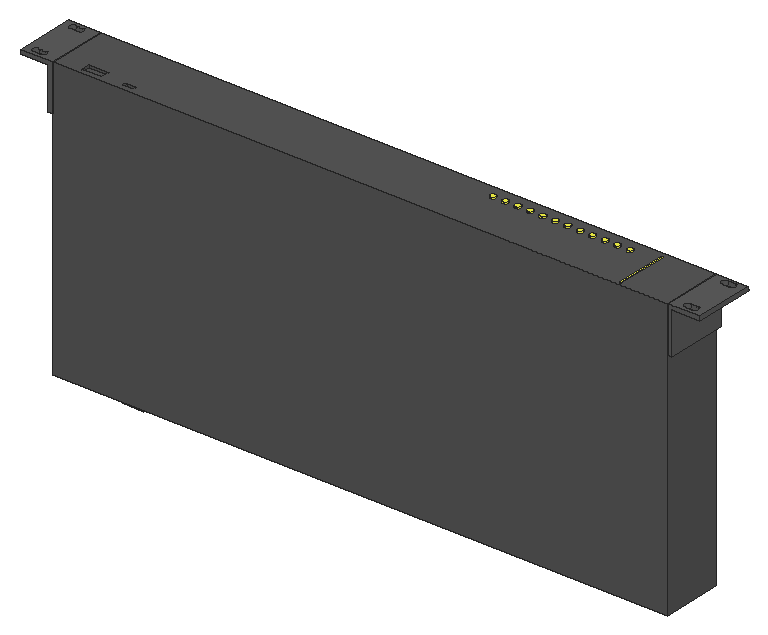
Revit family "Electronics_Switches_Biamp_NMS-NG10GPX-AVB_GSM4212PX", category Communication Devices, host Face, Revit 2020
Family settings
  Host = Face
  Maintain Annotation Orientation = No
  Round Connector Dimension = Use Diameter
  Part Type = Normal
  OmniClass Number = 23.80.50.11.14
  OmniClass Title = Switches
  Cut with Voids When Loaded = No
  Shared = No
  Room Calculation Point = No
Parameters (values of type "NMS-NG10GPX-AVB")
  Width = 440 mm  # constant formula
  Weight = 6.39 lbf  # constant formula
  Voltage = 120 V
  Version = 1
  URL = "https://www.biamp.com/"
  Third party support = "Domotz"  # constant formula
  Surface [instance] = Mount Type = Nom Surface  # no
  Standard bracket [instance] = Mount Type = Nom Standard bracket  # yes
  Rotate angle [instance] = if(Surface, 90.00°, 0.00°)  # 0.00°
  Reversed mounting [instance] = no
  Reversed angle [instance] = if(and(or(Standard bracket, Longer bracket), Reversed mounting), 180.00°, 0.00°)  # 0.00°
  R_Mounting [instance] = and(or(Longer bracket, Standard bracket), Reversed mounting)  # no
  Product data url = "https://bimobject.com/biamp/product/netgear-av-line-managed-switches"
  Product Page URL = "https://www.biamp.com/products/product-families/cambridge/switches#ng10gpx-avb"
  Product Documentation Link = "https://downloads.biamp.com/assets/docs/default-source/data-sheets/cambridge_data_sheets_netgear-m4250_switch_series_mar23.pdf"
  Primary Port Speed = "1 Gigabit"  # constant formula
  Power Factor = 1
  PoE Ports / Budget = "8 PoE+ (30W/port), 240W Budget"  # constant formula
  Offset_Y [instance] = if(Surface, 0 mm, 233 mm)  # 233 mm
  Offset_X [instance] = if(Surface, 361.8 mm, 300.1 mm)  # 300.1 mm
  Offset [instance] = if(Surface, 35 mm, if(Standard bracket, 32 mm, 82 mm))  # 32 mm
  Number of Ports = "12 (10x 1G, 2x SFP+)"  # constant formula
  Number of Poles = 1
  Nom Surface = Surface : Surface
  Nom Standard bracket = Standard bracket : Standard bracket
  Nom Longer bracket = Longer bracket : Longer bracket
  Mounting_2D [instance] = or(Mounting, R_Mounting)  # yes
  Mounting [instance] = and(or(Longer bracket, Standard bracket), not(Reversed mounting))  # yes
  Mount Type [instance] = Standard bracket : Standard bracket
  Model = "NMS-NG10GPX-AVB"  # constant formula
  Max Power Consumption = 306 W
  Manufacturer = "Biamp"  # constant formula
  Longer bracket [instance] = Mount Type = Nom Longer bracket  # no
  Jumbo Frame Support = "Yes, up to 12kb"  # constant formula
  IGMP Support = "Enhanced (NETGEAR IGMP Plus™)"  # constant formula
  Housing Material = Biamp - Plastic - Black
  Height = 43.2 mm  # constant formula
  Description = "The NMS-NG10GPX-AVB (NETGEAR model GSM4212PX) switch is designed to seamlessly integrate with Cambridge QT X sound masking solutions for optimal network performance."  # constant formula
  Depth = 200 mm  # constant formula
  Default Elevation = 1219.2 mm
  Date Updated = ""
  Date Created = "2023/08/21"
  Current = 5 A
  Connector Description = "Power connector, 120V"  # constant formula
  Apparent Load = Max Power Consumption / Power Factor  # 306 VA
  Acoustics = "Fanless or 39.22dB@25ºC"  # constant formula
  AVB Support = "Yes. Electronic license required, activation key sent via email (AVB4212PX-10000S)"  # constant formula
Reference planes
  plane 1 "Center (Front/Back)": y = 0
  plane 2: z = 0
  plane 3 "Center (Left/Right)": x = 0
Forms (mm)
  Extrusion 1, solid, material "Biamp - Metal - Black", visible <- "Standard bracket"
    sketch origin (0, 0, 0) x (1, 0, 0) y (0, 0, 1)
      loop
        line (-10, 0) -> (10, 0) -> (10, -30) -> (13, -30) -> (13, 3) -> (-10, 3) -> (-10, 0)
      loop
        line (476, 0) -> (476, 3) -> (453, 3) -> (453, -30) -> (456, -30) -> (456, 0) -> (476, 0)
    from -4.865 to 38.335
  Extrusion 2, void
    sketch origin (-443.84, -266.7, 0) x (1, 0, 0) y (0, 1, 0)
      loop
        arc (441.157, 269.14) -> (438.675, 266.657) -> (441.157, 264.175) r 2.483
        line (441.157, 264.175) -> (446.523, 264.175)
        arc (446.523, 264.175) -> (449.006, 266.657) -> (446.523, 269.14) r 2.483
        line (446.523, 269.14) -> (441.157, 269.14)
      loop
        line (441.157, 230.86) -> (446.523, 230.86)
        arc (446.523, 230.86) -> (449.006, 233.343) -> (446.523, 235.825) r 2.483
        line (446.523, 235.825) -> (441.157, 235.825)
        arc (441.157, 235.825) -> (438.675, 233.343) -> (441.157, 230.86) r 2.483
      loop
        line (912.523, 269.14) -> (907.157, 269.14)
        arc (907.157, 269.14) -> (904.675, 266.657) -> (907.157, 264.175) r 2.483
        line (907.157, 264.175) -> (912.523, 264.175)
        arc (912.523, 264.175) -> (915.006, 266.657) -> (912.523, 269.14) r 2.483
      loop
        arc (912.523, 230.86) -> (915.006, 233.343) -> (912.523, 235.825) r 2.483
        line (912.523, 235.825) -> (907.157, 235.825)
        arc (907.157, 235.825) -> (904.675, 233.343) -> (907.157, 230.86) r 2.483
        line (907.157, 230.86) -> (912.523, 230.86)
    from 0 to 3
  Extrusion 3, solid, material "Biamp - Metal - Black", visible <- "Longer bracket"
    sketch origin (0, 0, 0) x (1, 0, 0) y (0, 0, 1)
      loop
        line (-10, 0) -> (10, 0) -> (10, -80) -> (13, -80) -> (13, 3) -> (-10, 3) -> (-10, 0)
      loop
        line (476, 0) -> (476, 3) -> (453, 3) -> (453, -80) -> (456, -80) -> (456, 0) -> (476, 0)
    from -4.865 to 38.335
Cuts and joins
  Extrusion 2 cuts Extrusion 1
  Extrusion 2 cuts Extrusion 3
Lines and regions (mm)
  Masking region 1, visible <- "Mounting_2D"
    outline origin (-443.84, -266.7, 0) x (1, 0, 0) y (0, 1, 0)
      loop
        line (433.84, 271.6) -> (433.84, 228.4) -> (453.84, 228.4) -> (453.84, 271.6) -> (433.84, 271.6)
      loop
        line (441.157, 264.175) -> (446.523, 264.175)
        arc (446.523, 264.175) -> (449.006, 266.657) -> (446.523, 269.14) r 2.483
        line (446.523, 269.14) -> (441.157, 269.14)
        arc (441.157, 269.14) -> (438.675, 266.657) -> (441.157, 264.175) r 2.483
      loop
        arc (441.157, 235.825) -> (438.675, 233.343) -> (441.157, 230.86) r 2.483
        line (441.157, 230.86) -> (446.523, 230.86)
        arc (446.523, 230.86) -> (449.006, 233.343) -> (446.523, 235.825) r 2.483
        line (446.523, 235.825) -> (441.157, 235.825)
      loop
        line (919.84, 271.6) -> (899.84, 271.6) -> (899.84, 228.4) -> (919.84, 228.4) -> (919.84, 271.6)
      loop
        arc (912.523, 264.175) -> (915.006, 266.657) -> (912.523, 269.14) r 2.483
        line (912.523, 269.14) -> (907.157, 269.14)
        arc (907.157, 269.14) -> (904.675, 266.657) -> (907.157, 264.175) r 2.483
        line (907.157, 264.175) -> (912.523, 264.175)
      loop
        line (912.523, 235.825) -> (907.157, 235.825)
        arc (907.157, 235.825) -> (904.675, 233.343) -> (907.157, 230.86) r 2.483
        line (907.157, 230.86) -> (912.523, 230.86)
        arc (912.523, 230.86) -> (915.006, 233.343) -> (912.523, 235.825) r 2.483
  Masking region 2, visible <- "Mounting_2D"
    outline origin (-443.84, -266.7, 0) x (1, 0, 0) y (0, 1, 0)
      loop
        line (896.84, 271.6) -> (896.84, 228.4) -> (899.84, 228.4) -> (899.84, 271.6) -> (896.84, 271.6)
      loop
        line (453.84, 271.6) -> (453.84, 228.4) -> (456.84, 228.4) -> (456.84, 271.6) -> (453.84, 271.6)
  Masking region 3, visible <- "Standard bracket"
    outline origin (233, 0, -13.5) x (0, 0, 1) y (-1, 0, 0)
      loop
        line (13.5, 243) -> (13.5, 223) -> (-16.5, 223) -> (-16.5, 220) -> (16.5, 220) -> (16.5, 243) -> (13.5, 243)
      loop
        line (13.5, -243) -> (16.5, -243) -> (16.5, -220) -> (-16.5, -220) -> (-16.5, -223) -> (13.5, -223) -> (13.5, -243)
  Masking region 4, visible <- "Longer bracket"
    outline origin (233, 0, -13.5) x (0, 0, 1) y (-1, 0, 0)
      loop
        line (16.5, 243) -> (13.5, 243) -> (13.5, 223) -> (-66.5, 223) -> (-66.5, 220) -> (16.5, 220) -> (16.5, 243)
      loop
        line (16.5, -243) -> (16.5, -220) -> (-66.5, -220) -> (-66.5, -223) -> (13.5, -223) -> (13.5, -243) -> (16.5, -243)
  reference lines
    curve 1: line (-366.843, -300.1, 0) -> (513.157, -300.1, 0)
    curve 2: line (233, -38.335, 0) -> (233, -548.335, 0)
    curve 3: line (233, -548.335, 3) -> (233, -23.335, 3)
    curve 4: line (233, -38.335, 58) -> (233, -38.335, -177)
    curve 5: line (233, -38.335, 3) -> (233, -38.335, -202)
    curve 6: line (322.481, -38.335, -97) -> (147.481, -38.335, -97)
    curve 7: line (233, -38.335, -97) -> (233, -38.335, 33)
    curve 8: line (233, -548.335, 35) -> (233, -263.335, 35)
Dimensions and locks
  "Offset_X": curve 1 to plane 1 "Center (Front/Back)"
  "Offset_Y": plane 3 "Center (Left/Right)" to curve 2
  locked: curve 2 to curve 8 at 35
  "Offset": curve 8 to curve 3
  "Rotate angle": angle curve 5 to curve 4
  "Reversed angle": angle curve 7 to curve 5
  aligned and locked: plane 2 to host face
  aligned and locked: level to host face
  aligned and locked: curve 3 to curve 5
  aligned and locked: curve 5 to curve 7
  aligned and locked: curve 6 to curve 7
Automatic sketch dimensions
  host sketch curve to host sketch curve = 2438.4 mm  (x2)
  Extrusion 1 sketch curve to level = 0 mm  (x2)
  Extrusion 1 sketch curve to plane 3 "Center (Left/Right)" = 10 mm
  plane 3 "Center (Left/Right)" to Extrusion 1 sketch curve = 10 mm
  Extrusion 1 sketch curve to Extrusion 1 sketch curve = 3 mm  (x2)
  level to Extrusion 1 sketch curve = 3 mm  (x2)
  Extrusion 1 sketch curve to Extrusion 1 sketch curve = 440 mm
  Extrusion 1 sketch curve to Extrusion 1 sketch curve = 20 mm
  Extrusion 1 sketch curve to level = 30 mm
  Extrusion 1 sketch curve to Extrusion 1 sketch curve = 30 mm
  Extrusion 2 sketch curve to plane 3 "Center (Left/Right)" = 2.683 mm  (x2)
  plane 3 "Center (Left/Right)" to Extrusion 2 sketch curve = 2.683 mm  (x2)
  Extrusion 2 sketch curve to plane 1 "Center (Front/Back)" = 2.44 mm
  Extrusion 2 sketch curve to Extrusion 2 sketch curve = 460.635 mm
  Extrusion 2 sketch curve to Extrusion 2 sketch curve = 0 mm
  Extrusion 2 sketch curve to Extrusion 2 sketch curve = 5.365 mm  (x2)
  plane 1 "Center (Front/Back)" to Extrusion 2 sketch curve = 0.043 mm
  Extrusion 2 sketch curve to Extrusion 2 sketch curve = 2.483 mm  (x4)
  plane 1 "Center (Front/Back)" to Extrusion 2 sketch curve = 30.875 mm  (x2)
  Extrusion 3 sketch curve to level = 0 mm  (x2)
  Extrusion 3 sketch curve to plane 3 "Center (Left/Right)" = 10 mm
  plane 3 "Center (Left/Right)" to Extrusion 3 sketch curve = 10 mm
  Extrusion 3 sketch curve to Extrusion 3 sketch curve = 3 mm  (x2)
  level to Extrusion 3 sketch curve = 3 mm  (x2)
  Extrusion 3 sketch curve to Extrusion 3 sketch curve = 440 mm
  Extrusion 3 sketch curve to Extrusion 3 sketch curve = 20 mm
  Extrusion 3 sketch curve to level = 80 mm
  Extrusion 3 sketch curve to Extrusion 3 sketch curve = 80 mm
  Masking region 1 sketch curve to plane 3 "Center (Left/Right)" = 10 mm
  Masking region 1 sketch curve to plane 3 "Center (Left/Right)" = 2.683 mm  (x2)
  plane 3 "Center (Left/Right)" to Masking region 1 sketch curve = 2.683 mm  (x2)
  Masking region 1 sketch curve to Masking region 1 sketch curve = 7.317 mm  (x4)
  Masking region 1 sketch curve to plane 1 "Center (Front/Back)" = 4.9 mm
  Masking region 1 sketch curve to Masking region 1 sketch curve = 446 mm
  Masking region 1 sketch curve to Masking region 1 sketch curve = 5.365 mm  (x2)
  Masking region 1 sketch curve to plane 1 "Center (Front/Back)" = 2.44 mm
  Masking region 1 sketch curve to Masking region 1 sketch curve = 2.46 mm  (x4)
  Masking region 1 sketch curve to Masking region 1 sketch curve = 2.483 mm  (x4)
  plane 1 "Center (Front/Back)" to Masking region 1 sketch curve = 30.875 mm  (x2)
  plane 3 "Center (Left/Right)" to Masking region 2 sketch curve = 10 mm
  Masking region 2 sketch curve to Masking region 2 sketch curve = 3 mm  (x2)
  plane 1 "Center (Front/Back)" to Masking region 2 sketch curve = 38.3 mm  (x2)
  Masking region 2 sketch curve to Masking region 2 sketch curve = 440 mm
  Masking region 2 sketch curve to plane 1 "Center (Front/Back)" = 4.9 mm  (x2)
  Masking region 3 sketch curve to level = 0 mm  (x2)
  Masking region 3 sketch curve to level = 30 mm  (x2)
  plane 3 "Center (Left/Right)" to Masking region 3 sketch curve = 13 mm
  level to Masking region 3 sketch curve = 3 mm  (x2)
  Masking region 3 sketch curve to Masking region 3 sketch curve = 440 mm
  Masking region 3 sketch curve to Masking region 3 sketch curve = 3 mm  (x2)
  Masking region 3 sketch curve to Masking region 3 sketch curve = 20 mm
  Masking region 3 sketch curve to plane 3 "Center (Left/Right)" = 10 mm
  Masking region 4 sketch curve to level = 0 mm  (x2)
  Masking region 4 sketch curve to level = 80 mm
  plane 3 "Center (Left/Right)" to Masking region 4 sketch curve = 10 mm
  Masking region 4 sketch curve to Masking region 4 sketch curve = 80 mm
  level to Masking region 4 sketch curve = 3 mm  (x2)
  Masking region 4 sketch curve to Masking region 4 sketch curve = 3 mm  (x2)
  Masking region 4 sketch curve to Masking region 4 sketch curve = 440 mm
  Masking region 4 sketch curve to Masking region 4 sketch curve = 20 mm
  Masking region 4 sketch curve to plane 3 "Center (Left/Right)" = 10 mm
  curve 5 to curve 6 = 89.481 mm
  curve 5 to curve 6 = 100 mm
  curve 6 to curve 5 = 85.519 mm
  curve 1 to plane 3 "Center (Left/Right)" = 366.843 mm
  plane 3 "Center (Left/Right)" to curve 1 = 513.157 mm
  curve 1 to curve 2 = 248.235 mm
  curve 2 to curve 1 = 261.765 mm
  curve 8 to curve 2 = 0 mm
  curve 3 to curve 2 = 0 mm
  curve 2 to curve 8 = 225 mm
  curve 3 to curve 2 = 15 mm
  curve 4 to curve 3 = 15 mm
  curve 4 to curve 3 = 55 mm
Nested families
  nested 1: "Surface" at (0, 0, 0), type "Surface"
  nested 2: "Standard bracket" at (0, 0, 0), type "Standard bracket"
  nested 3: "Longer bracket" at (0, 4.754, 0), type "Longer bracket"
  nested 4: "GSM4212PX" at (233, -38.335, -97) x (1, 0, 0) z (0, 1, 0), Housing Material <- "Housing Material", type "GSM4212PX"
    with Housing Material Biamp - Plastic - Black
Connectors
  electrical at (37.073, -19.097, -186.948), driven by "Number of Poles", driven by "Voltage", driven by "Apparent Load", driven by "Power Factor", driven by "Connector Description"
    settings: on nested 4, index 1, voltage 120 V, apparent load 306 VA, apparent load phase1 0 VA, apparent load phase2 0 VA, apparent load phase3 0 VA, power factor 1, load classification "Other", number of poles 1, system type 30, power factor state 1, is connector primary yes, connector utility no, sub classification motor no, connector description "Power connector, 120V"
  electrical at (159.651, -28.444, -196.086)
    settings: on nested 4, index 2, voltage 0 V, apparent load 0 VA, apparent load phase1 0 VA, apparent load phase2 0 VA, apparent load phase3 0 VA, power factor 1, load classification "Other", number of poles 1, system type 5, power factor state 1, is connector primary no, connector utility no, sub classification motor no, connector description "SFP connector"
  electrical at (177.537, -28.444, -196.086)
    settings: on nested 4, index 3, voltage 0 V, apparent load 0 VA, apparent load phase1 0 VA, apparent load phase2 0 VA, apparent load phase3 0 VA, power factor 1, load classification "Other", number of poles 1, system type 5, power factor state 1, is connector primary no, connector utility no, sub classification motor no, connector description "SFP connector"
  electrical at (198.689, -24.646, -196.086)
    settings: on nested 4, index 4, voltage 0 V, apparent load 0 VA, apparent load phase1 0 VA, apparent load phase2 0 VA, apparent load phase3 0 VA, power factor 1, load classification "Other", number of poles 1, system type 5, power factor state 1, is connector primary no, connector utility no, sub classification motor no, connector description "RJ45 connector"
  electrical at (217.001, -24.646, -196.086)
    settings: on nested 4, index 5, voltage 0 V, apparent load 0 VA, apparent load phase1 0 VA, apparent load phase2 0 VA, apparent load phase3 0 VA, power factor 1, load classification "Other", number of poles 1, system type 5, power factor state 1, is connector primary no, connector utility no, sub classification motor no, connector description "RJ45 connector"
  electrical at (235.313, -24.646, -196.086)
    settings: on nested 4, index 6, voltage 0 V, apparent load 0 VA, apparent load phase1 0 VA, apparent load phase2 0 VA, apparent load phase3 0 VA, power factor 1, load classification "Other", number of poles 1, system type 5, power factor state 1, is connector primary no, connector utility no, sub classification motor no, connector description "RJ45 connector with 30W PoE+"
  electrical at (253.625, -24.646, -196.086)
    settings: on nested 4, index 7, voltage 0 V, apparent load 0 VA, apparent load phase1 0 VA, apparent load phase2 0 VA, apparent load phase3 0 VA, power factor 1, load classification "Other", number of poles 1, system type 5, power factor state 1, is connector primary no, connector utility no, sub classification motor no, connector description "RJ45 connector with 30W PoE+"
  electrical at (271.937, -24.646, -196.086)
    settings: on nested 4, index 8, voltage 0 V, apparent load 0 VA, apparent load phase1 0 VA, apparent load phase2 0 VA, apparent load phase3 0 VA, power factor 1, load classification "Other", number of poles 1, system type 5, power factor state 1, is connector primary no, connector utility no, sub classification motor no, connector description "RJ45 connector with 30W PoE+"
  electrical at (290.248, -24.646, -196.086)
    settings: on nested 4, index 9, voltage 0 V, apparent load 0 VA, apparent load phase1 0 VA, apparent load phase2 0 VA, apparent load phase3 0 VA, power factor 1, load classification "Other", number of poles 1, system type 5, power factor state 1, is connector primary no, connector utility no, sub classification motor no, connector description "RJ45 connector with 30W PoE+"
  electrical at (308.56, -24.646, -196.086)
    settings: on nested 4, index 10, voltage 0 V, apparent load 0 VA, apparent load phase1 0 VA, apparent load phase2 0 VA, apparent load phase3 0 VA, power factor 1, load classification "Other", number of poles 1, system type 5, power factor state 1, is connector primary no, connector utility no, sub classification motor no, connector description "RJ45 connector with 30W PoE+"
  electrical at (326.872, -24.646, -196.086)
    settings: on nested 4, index 11, voltage 0 V, apparent load 0 VA, apparent load phase1 0 VA, apparent load phase2 0 VA, apparent load phase3 0 VA, power factor 1, load classification "Other", number of poles 1, system type 5, power factor state 1, is connector primary no, connector utility no, sub classification motor no, connector description "RJ45 connector with 30W PoE+"
  electrical at (345.184, -24.646, -196.086)
    settings: on nested 4, index 12, voltage 0 V, apparent load 0 VA, apparent load phase1 0 VA, apparent load phase2 0 VA, apparent load phase3 0 VA, power factor 1, load classification "Other", number of poles 1, system type 5, power factor state 1, is connector primary no, connector utility no, sub classification motor no, connector description "RJ45 connector with 30W PoE+"
  electrical at (363.496, -24.646, -196.086)
    settings: on nested 4, index 13, voltage 0 V, apparent load 0 VA, apparent load phase1 0 VA, apparent load phase2 0 VA, apparent load phase3 0 VA, power factor 1, load classification "Other", number of poles 1, system type 5, power factor state 1, is connector primary no, connector utility no, sub classification motor no, connector description "RJ45 connector with 30W PoE+"
  electrical at (382.515, -30.664, -196.086)
    settings: on nested 4, index 14, voltage 0 V, apparent load 0 VA, apparent load phase1 0 VA, apparent load phase2 0 VA, apparent load phase3 0 VA, power factor 1, load classification "Other", number of poles 1, system type 5, power factor state 1, is connector primary no, connector utility no, sub classification motor no, connector description "USB-C connector"
  electrical at (402.888, -23.227, -196.086)
    settings: on nested 4, index 15, voltage 0 V, apparent load 0 VA, apparent load phase1 0 VA, apparent load phase2 0 VA, apparent load phase3 0 VA, power factor 1, load classification "Other", number of poles 1, system type 5, power factor state 1, is connector primary no, connector utility no, sub classification motor no, connector description "Console connector"
  electrical at (427.588, -23.227, -196.086)
    settings: on nested 4, index 16, voltage 0 V, apparent load 0 VA, apparent load phase1 0 VA, apparent load phase2 0 VA, apparent load phase3 0 VA, power factor 1, load classification "Other", number of poles 1, system type 5, power factor state 1, is connector primary no, connector utility no, sub classification motor no, connector description "OOB connector"
  electrical at (37.877, -31.345, 1.482)
    settings: on nested 4, index 17, voltage 0 V, apparent load 0 VA, apparent load phase1 0 VA, apparent load phase2 0 VA, apparent load phase3 0 VA, power factor 1, load classification "Other", number of poles 1, system type 5, power factor state 1, is connector primary no, connector utility no, sub classification motor no, connector description "USB connector"
  electrical at (63.765, -33.164, 1.482)
    settings: on nested 4, index 18, voltage 0 V, apparent load 0 VA, apparent load phase1 0 VA, apparent load phase2 0 VA, apparent load phase3 0 VA, power factor 1, load classification "Other", number of poles 1, system type 5, power factor state 1, is connector primary no, connector utility no, sub classification motor no, connector description "USB-C connector"
Definition of nested family "GSM4212PX"
  Parameters (values of type "GSM4212PX")
    Housing Material [instance] = none
    Default Elevation = 1219.2 mm
  Reference planes
    plane 1 "Center (Front/Back)": y = 0
    plane 2: z = 0
    plane 3 "Center (Left/Right)": x = 0
  Forms (mm)
    Extrusion 1, solid, material <- "Housing Material", detail levels coarse
      sketch origin (0, 0, 0) x (1, 0, 0) y (0, 1, 0)
        loop
          line (-220, -100) -> (220, -100) -> (220, 100) -> (-220, 100) -> (-220, -100)
      from 0 to 43.2
    Extrusion 2, solid, material <- "Housing Material", detail levels medium+fine
      sketch origin (0, 0, 0) x (1, 0, 0) y (0, 1, 0)
        loop
          line (-220, -100) -> (220, -100) -> (220, 100) -> (-220, 100) -> (-220, -100)
      from 0 to 43.2
    Extrusion 3, void
      sketch origin (220, 100, 0) x (-1, 0, 0) y (0, 0, 1)
        loop
          line (16.788, 6.378) -> (34.035, 6.378) -> (34.035, 15.108) -> (31.906, 15.108) -> (31.906, 17.238) -> (29.564, 17.238) -> (29.564, 19.58) -> (21.26, 19.58) -> (21.26, 17.238) -> (18.917, 17.238) -> (18.917, 15.108) -> (16.788, 15.108) -> (16.788, 6.378)
        loop
          line (41.488, 6.378) -> (58.735, 6.378) -> (58.735, 15.108) -> (56.606, 15.108) -> (56.606, 17.238) -> (54.264, 17.238) -> (54.264, 19.58) -> (45.959, 19.58) -> (45.959, 17.238) -> (43.617, 17.238) -> (43.617, 15.108) -> (41.488, 15.108) -> (41.488, 6.378)
        loop
          arc (67.64, 8.965) -> (66.347, 7.671) -> (67.64, 6.378) r 1.293
          line (67.64, 6.378) -> (73.331, 6.378)
          arc (73.331, 6.378) -> (74.624, 7.671) -> (73.331, 8.965) r 1.293
          line (73.331, 8.965) -> (67.64, 8.965)
        loop
          line (81.519, 6.378) -> (97.489, 6.378) -> (97.489, 13.405) -> (95.359, 13.405) -> (95.359, 15.534) -> (93.017, 15.534) -> (93.017, 17.876) -> (85.99, 17.876) -> (85.99, 15.534) -> (83.648, 15.534) -> (83.648, 13.405) -> (81.519, 13.405) -> (81.519, 6.378)
        loop
          line (99.831, 6.378) -> (115.8, 6.378) -> (115.8, 13.405) -> (113.671, 13.405) -> (113.671, 15.534) -> (111.329, 15.534) -> (111.329, 17.876) -> (104.302, 17.876) -> (104.302, 15.534) -> (101.96, 15.534) -> (101.96, 13.405) -> (99.831, 13.405) -> (99.831, 6.378)
        loop
          line (118.143, 6.378) -> (134.112, 6.378) -> (134.112, 13.405) -> (131.983, 13.405) -> (131.983, 15.534) -> (129.641, 15.534) -> (129.641, 17.876) -> (122.614, 17.876) -> (122.614, 15.534) -> (120.272, 15.534) -> (120.272, 13.405) -> (118.143, 13.405) -> (118.143, 6.378)
        loop
          line (136.455, 6.378) -> (152.424, 6.378) -> (152.424, 13.405) -> (150.295, 13.405) -> (150.295, 15.534) -> (147.953, 15.534) -> (147.953, 17.876) -> (140.926, 17.876) -> (140.926, 15.534) -> (138.584, 15.534) -> (138.584, 13.405) -> (136.455, 13.405) -> (136.455, 6.378)
        loop
          line (154.767, 6.378) -> (170.736, 6.378) -> (170.736, 13.405) -> (168.607, 13.405) -> (168.607, 15.534) -> (166.265, 15.534) -> (166.265, 17.876) -> (159.238, 17.876) -> (159.238, 15.534) -> (156.896, 15.534) -> (156.896, 13.405) -> (154.767, 13.405) -> (154.767, 6.378)
        loop
          line (173.079, 6.378) -> (189.048, 6.378) -> (189.048, 13.405) -> (186.919, 13.405) -> (186.919, 15.534) -> (184.577, 15.534) -> (184.577, 17.876) -> (177.55, 17.876) -> (177.55, 15.534) -> (175.208, 15.534) -> (175.208, 13.405) -> (173.079, 13.405) -> (173.079, 6.378)
        loop
          line (191.391, 6.378) -> (207.36, 6.378) -> (207.36, 13.405) -> (205.231, 13.405) -> (205.231, 15.534) -> (202.889, 15.534) -> (202.889, 17.876) -> (195.862, 17.876) -> (195.862, 15.534) -> (193.52, 15.534) -> (193.52, 13.405) -> (191.391, 13.405) -> (191.391, 6.378)
        loop
          line (209.703, 6.378) -> (225.672, 6.378) -> (225.672, 13.405) -> (223.543, 13.405) -> (223.543, 15.534) -> (221.201, 15.534) -> (221.201, 17.876) -> (214.174, 17.876) -> (214.174, 15.534) -> (211.832, 15.534) -> (211.832, 13.405) -> (209.703, 13.405) -> (209.703, 6.378)
        loop
          line (228.014, 6.378) -> (243.984, 6.378) -> (243.984, 13.405) -> (241.855, 13.405) -> (241.855, 15.534) -> (239.513, 15.534) -> (239.513, 17.876) -> (232.486, 17.876) -> (232.486, 15.534) -> (230.144, 15.534) -> (230.144, 13.405) -> (228.014, 13.405) -> (228.014, 6.378)
        loop
          line (246.326, 6.378) -> (262.296, 6.378) -> (262.296, 13.405) -> (260.167, 13.405) -> (260.167, 15.534) -> (257.825, 15.534) -> (257.825, 17.876) -> (250.798, 17.876) -> (250.798, 15.534) -> (248.456, 15.534) -> (248.456, 13.405) -> (246.326, 13.405) -> (246.326, 6.378)
        loop
          line (268.286, 13.405) -> (268.286, 6.378) -> (282.64, 6.378) -> (282.64, 13.405) -> (268.286, 13.405)
        loop
          line (286.172, 13.405) -> (286.172, 6.378) -> (300.526, 6.378) -> (300.526, 13.405) -> (286.172, 13.405)
      from -0.914 to 0
    Extrusion 4, void
      sketch origin (220, 100, 0) x (-1, 0, 0) y (0, 0, 1)
        loop
          line (407.324, 30.988) -> (407.324, 7.488)
          arc (407.324, 7.488) -> (407.764, 6.427) -> (408.824, 5.988) r 1.5
          line (408.824, 5.988) -> (416.6, 5.988)
          arc (416.6, 5.988) -> (417.748, 6.216) -> (418.721, 6.867) r 3
          line (418.721, 6.867) -> (421.681, 9.827)
          arc (421.681, 9.827) -> (422.223, 10.638) -> (422.413, 11.595) r 2.5
          line (422.413, 11.595) -> (422.413, 26.881)
          arc (422.413, 26.881) -> (422.223, 27.838) -> (421.681, 28.649) r 2.5
          line (421.681, 28.649) -> (418.721, 31.609)
          arc (418.721, 31.609) -> (417.748, 32.26) -> (416.6, 32.488) r 3
          line (416.6, 32.488) -> (408.824, 32.488)
          arc (408.824, 32.488) -> (407.764, 32.049) -> (407.324, 30.988) r 1.5
      from -10.052 to 0
    Extrusion 5, solid, material <- "Housing Material", detail levels medium+fine
      sketch origin (220, 100, 0) x (-1, 0, 0) y (0, 0, 1)
        loop
          arc (407.324, 7.488) -> (407.764, 6.427) -> (408.824, 5.988) r 1.5
          line (408.824, 5.988) -> (416.6, 5.988)
          arc (416.6, 5.988) -> (417.748, 6.216) -> (418.721, 6.867) r 3
          line (418.721, 6.867) -> (421.681, 9.827)
          arc (421.681, 9.827) -> (422.223, 10.638) -> (422.413, 11.595) r 2.5
          line (422.413, 11.595) -> (422.413, 26.881)
          arc (422.413, 26.881) -> (422.223, 27.838) -> (421.681, 28.649) r 2.5
          line (421.681, 28.649) -> (418.721, 31.609)
          arc (418.721, 31.609) -> (417.748, 32.26) -> (416.6, 32.488) r 3
          line (416.6, 32.488) -> (408.824, 32.488)
          arc (408.824, 32.488) -> (407.764, 32.049) -> (407.324, 30.988) r 1.5
          line (407.324, 30.988) -> (407.324, 7.488)
        loop
          line (379.758, 35.736) -> (379.758, 3.422) -> (424.758, 3.422) -> (424.758, 35.736) -> (379.758, 35.736)
      from 0 to 2
    Extrusion 6, solid, material <- "Housing Material", detail levels medium+fine
      sketch origin (-159.758, 100, 3.422) x (0, 0, 1) y (0, -1, 0)
        loop
          line (25.223, -2) -> (8.168, -2)
          arc (8.168, -2) -> (7.948, -6.152) -> (9.508, -10.007) r 9.584
          arc (9.508, -10.007) -> (16.682, -4.662) -> (25.223, -2) r 26.587
      from -20 to -5
    Extrusion 7, solid, detail levels medium+fine
      sketch origin (-220, -100, 0) x (1, 0, 0) y (0, 0, 1)
        loop
          line (404.315, 38.643) -> (404.315, 1.811) -> (405.221, 1.811) -> (405.221, 38.643) -> (404.315, 38.643)
        loop
          circle (385.838, 33.914) r 2.047
        loop
          circle (376.934, 33.914) r 2.047
        loop
          circle (368.029, 33.914) r 2.047
        loop
          circle (359.124, 33.914) r 2.047
        loop
          circle (350.22, 33.914) r 2.047
        loop
          circle (341.315, 33.914) r 2.047
        loop
          circle (332.411, 33.914) r 2.047
        loop
          circle (323.506, 33.914) r 2.047
        loop
          circle (314.602, 33.914) r 2.047
        loop
          circle (305.697, 33.914) r 2.047
        loop
          circle (296.793, 33.914) r 2.047
        loop
          circle (287.888, 33.914) r 2.047
      from 0 to 0.5
    Extrusion 8, void
      sketch origin (-220, -100, 0) x (1, 0, 0) y (0, 0, 1)
        loop
          line (17.803, 10.149) -> (17.803, 3.831) -> (31.951, 3.831) -> (31.951, 10.149) -> (17.803, 10.149)
        loop
          line (53.61, 6.465) -> (47.919, 6.465)
          arc (47.919, 6.465) -> (46.626, 5.171) -> (47.919, 3.878) r 1.293
          line (47.919, 3.878) -> (53.61, 3.878)
          arc (53.61, 3.878) -> (54.903, 5.171) -> (53.61, 6.465) r 1.293
      from -1.518 to 0
  Cuts and joins
    Extrusion 3, Extrusion 4, Extrusion 8 cuts Extrusion 2
    Extrusion 3, Extrusion 4, Extrusion 8 cuts Extrusion 1
  Lines and regions (mm)
    Masking region 1
      outline origin (0, 0, 0) x (1, 0, 0) y (0, 1, 0)
        loop
          line (-220, 100) -> (-220, -100) -> (220, -100) -> (220, 100) -> (-220, 100)
    Masking region 2
      outline origin (0, 0, 0) x (1, 0, 0) y (0, 0, 1)
        loop
          line (-220, 43.2) -> (-220, 0) -> (220, 0) -> (220, 43.2) -> (-220, 43.2)
  Dimensions and locks
    aligned and locked: level to plane 2
Definition of nested family "Surface"
  Parameters
    Height = 0 mm
    Default Elevation = 0 mm
  Reference planes
    plane 1 "Center (Front/Back)": y = 0
    plane 2: z = 0
    plane 3 "Center (Left/Right)": x = 0
  Dimensions and locks
    aligned and locked: level to plane 2
Definition of nested family "Standard bracket"
  Parameters
    Height = 0 mm
    Default Elevation = 0 mm
  Reference planes
    plane 1 "Center (Front/Back)": y = 0
    plane 2: z = 0
    plane 3 "Center (Left/Right)": x = 0
  Dimensions and locks
    aligned and locked: level to plane 2
Definition of nested family "Longer bracket"
  Parameters
    Height = 0 mm
    Default Elevation = 0 mm
  Reference planes
    plane 1 "Center (Front/Back)": y = 0
    plane 2: z = 0
    plane 3 "Center (Left/Right)": x = 0
  Dimensions and locks
    aligned and locked: level to plane 2
